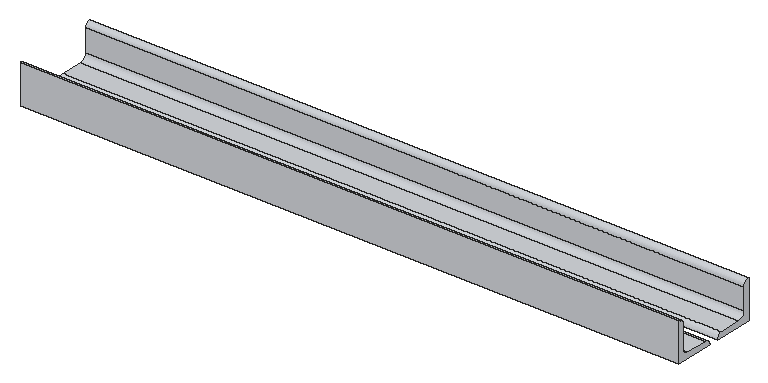
Revit family "BRU_УголокПеремычки13-1", category Каркас несущий, Revit 2021
Family settings
  Округление длины несущего каркаса = 0 мм
  Форма сечения = Не задано
  Материал для поведения модели = Прочее
  Всегда экспортировать в виде геометрии = Нет
  На основе рабочей плоскости = Нет
  Всегда вертикально = Да
  При загрузке вырезать с полостями = Нет
  Условное обозначение = Из семейства
  Общий = Да
  Показывать семейство разрезанным на планах = Да
Parameters (values of type "Уголок ГОСТ 8509-93")
  Ширина уголка = 60 mm
  Ширина стены = 120 mm
  Толщина = 8 mm
  Правый уголок = yes
  Описание = "Уголки"  # constant formula
  Область видимости_По высоте вниз [instance] = 1200 mm
  Код по классификатору = "2.06.023.173"
  Длина = 1030 mm
  Левый уголок = yes
  Высота = 65 mm
  Материал несущих конструкций = По умолчанию
  Группа модели = "Перемычка"  # constant formula
  Изготовитель = "ГОСТ 948-84 (2002)"
  ADSK_Масса = round(Ширина стены * Длина * Высота * 2500 / (1000 mm * 1000 mm * 1000 mm))  # 20
Reference planes
  plane 1 "Center (Front/Back)": y = 0
  plane 2 "Нижняя грань": z = 0
  plane 3 "Center (Left/Right)": x = 0
  plane 4 "Левый край": x = -515
  plane 5 "Правый край": x = 515
  plane 6 "Внутренняя грань": y = -120
  plane 7 "Верхняя грань": z = 65
  plane 8: y = -60
Lines and regions (mm)
  model lines, style "InvisibleLines"
    curve 1: line (0, 0, 0) -> (0, 0, -1200)
Dimensions and locks
  "Ширина стены": plane 6 "Внутренняя грань" to plane 1 "Center (Front/Back)"
  equal spacing: plane 4 "Левый край", plane 3 "Center (Left/Right)", plane 5 "Правый край"
  "Длина": plane 4 "Левый край" to plane 5 "Правый край"
  "Высота": plane 7 "Верхняя грань" to plane 2 "Нижняя грань"
  equal spacing: plane 1 "Center (Front/Back)", plane 8, plane 6 "Внутренняя грань"
  "Область видимости_По высоте вниз": curve 1 to level
  aligned and locked: level to plane 2 "Нижняя грань"
  aligned and locked: curve 1 to plane 3 "Center (Left/Right)"
  aligned and locked: plane 2 "Нижняя грань" to curve 1
  aligned and locked: nested 2 to plane 1 "Center (Front/Back)"
  aligned and locked: nested 1 to plane 6 "Внутренняя грань"
  aligned and locked: nested 2 to plane 5 "Правый край"
  aligned and locked: nested 2 to plane 4 "Левый край"
  aligned and locked: plane 4 "Левый край" to nested 1
  aligned and locked: plane 5 "Правый край" to nested 1
Nested families
  nested 1: "Перемычки - Уголок (ГОСТ 8509-93)" at (0, -112.2, 0), L_Длина <- "Длина", t_Толщина <- "Толщина", b_Ширина <- "Ширина уголка", Материал несущих конструкций <- "Материал несущих конструкций", visible <- "Правый уголок", type "ГОСТ 8509-93"
    with Масса 0.00 kg, t_Толщина 8 mm, b_Ширина 60 mm, L_Длина 1030 mm
  nested 2: "Перемычки - Уголок (ГОСТ 8509-93)" at (0, -7.8, 0) x (-1, 0, 0) z (0, 0, 1), t_Толщина <- "Толщина", L_Длина <- "Длина", b_Ширина <- "Ширина уголка", Материал несущих конструкций <- "Материал несущих конструкций", visible <- "Левый уголок", type "ГОСТ 8509-93"
    with Масса 0.00 kg, t_Толщина 8 mm, b_Ширина 60 mm, L_Длина 1030 mm
Definition of nested family "Перемычки - Уголок (ГОСТ 8509-93)"
  Parameters (values of type "ГОСТ 8509-93")
    Сталь по настоящему стандарту = "С245 ГОСТ 27772-88"
    Description = "Уголки"  # constant formula
    Обозначение стандарта на сортамент = "ГОСТ 8509-93"  # constant formula
    Обозначение = "ГОСТ 8509-93"
    Наименование = ""
    Масса [instance] = size_lookup(Lookup, "Масса", 0.00 kg, b_Ширина, t_Толщина) / 1000 mm * L_Длина  # 0.00 kg
    Model = "Элементы перемычек"  # constant formula
    t_Толщина [instance] = 8 mm
    b_Ширина [instance] = 60 mm
    Lookup = "ГОСТ 8509-93. Уголки стальные горячекатаные равнополочные"  # constant formula
    L_Длина [instance] = 1030 mm
  Reference planes
    plane 1: z = 0
    plane 2 "По центру (Влево/Вправо)": x = 0
    plane 3: x = -515
    plane 4: x = 515
    plane 5: y = -7.8
  Forms (mm)
    Sweep 1, solid
      path origin (0, -7.8, -7.8) x (1, 0, 0) y (0, 1, 0)
        loop
          line (-515, 0) -> (515, 0)
      profile "Уголок (ГОСТ 8509-93)-Профиль-Высокий : Уголок (ГОСТ 8509-93)-Профиль-Высокий" origin (0, -7.8, -7.8) x (0, 1, 0) y (0, 0, 1)
        loop
          line (-8, 59.8) -> (-8, -0.2) -> (52, -0.2)
          arc (52, -0.2) -> (49.657, 5.457) -> (44, 7.8) r 8
          line (44, 7.8) -> (10, 7.8)
          arc (10, 7.8) -> (2.929, 10.729) -> (0, 17.8) r 10
          line (0, 17.8) -> (0, 51.8)
          arc (0, 51.8) -> (-2.343, 57.457) -> (-8, 59.8) r 8
  Dimensions and locks
    equal spacing: plane 3, plane 2 "По центру (Влево/Вправо)", plane 4
    "L_Длина": plane 3 to plane 4
    aligned and locked: plane 1 to level
    aligned and locked: Sweep 1 to plane 5
    aligned and locked: level to Sweep 1
  Automatic sketch dimensions
    Sweep 1 sketch curve to plane 3 = 0 mm
    Sweep 1 sketch curve to plane 4 = 0 mm
    Sweep 1 sketch curve to plane 5 = 0 mm
